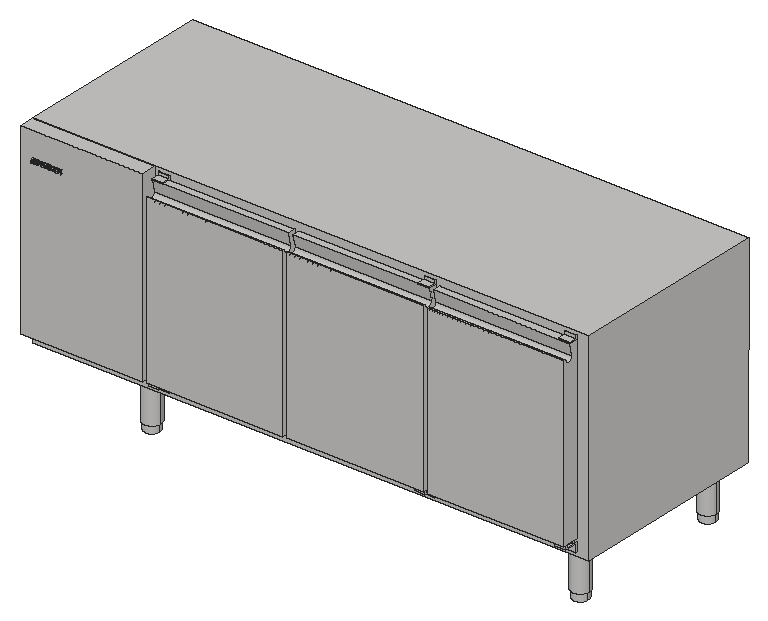
Revit family "QF_ALPENINOX_712679_AJ3F7AAA", category Specialty Equipment, Revit 2018
Family settings
  Round Connector Dimension = Use Diameter
  Part Type = Normal
  Work Plane-Based = No
  Always vertical = Yes
  Cut with Voids When Loaded = No
  Shared = No
  Room Calculation Point = No
Parameters
  Weight = 0.00 kg
  Watts = 45.5225 W
  Volts = 220 V
  URL Manufacturer = "http://www.alpeninox.com"
  URL = "http://www.alpeninox.com"
  Steam Supply Size = 0 mm
  Steam Supply Minimum Pressure = 0.0 Pa
  Steam Supply Maximum Pressure = 0.0 Pa
  Steam Pounds per Hour = 0
  Refrigeration Suction Line Size = 0 mm
  Refrigeration Liquid Line Size = 0 mm
  Refrigerant Compressor Remote = yes
  Manufacturer = "Alpeninox"
  Phase = 1
  Model = "AJ3F7AAA"
  Length Actual = 1795 mm  # constant formula
  Length = 1795 mm
  Item Number = "712679"
  Hot Water Size = 0 mm
  Height Actual = 800 mm  # constant formula
  Height = 650 mm
  HP = "0.7 HP"
  Gas Size = 0 mm
  Gas KW = 0
  Gas Input Pressure = 0 W
  Depth Actual = 700 mm  # constant formula
  Depth = 695 mm
  Description = "3 DOOR FREEZER TABLE -20C NO TOP"
  Cycle = 50 Hz
  Condensate Return Size = 0 mm
  Compressed Air Volume = 0.0 L/s
  Compressed Air Size = 0 mm
  Compressed Air Pressure = 0.0 Pa
  Cold Water Size = 0 mm
  Accessory = yes
Reference planes
  plane 1: z = 0
  plane 2 "Center (Left/Right)": x = -126.5
  plane 3 "Center (Front/Back)": y = 64.5
  plane 4 "FEET": z = 150
  plane 5 "TOP": z = 850
  plane 6 "PLAIN": z = 800
  plane 7 "EI_back": y = 359
  plane 8 "EI_left": x = -958
  plane 9 "BACK": y = 412
  plane 10 "FRONT": y = -283
  plane 11 "DOOR": y = -233
  plane 12 "LEFT": x = -1024
  plane 13 "RIGHT": x = 771
  plane 14: x = -999
  plane 15: x = 746
Forms (mm)
  Extrusion 1, solid, material "QF_Finishes_Stainless Steel"
    sketch origin (-1022.223, -1524, 150) x (-1, 0, 0) y (0, -1, 0)
      loop
        circle (-64.223, -1883) r 5
    from 0 to -40
  Extrusion 2, solid, material "QF_Finishes_Stainless Steel"
    sketch origin (-1022.223, -1524, 150) x (-1, 0, 0) y (0, -1, 0)
      loop
        line (1.777, -1936) -> (1.777, -1291) -> (-1793.223, -1291) -> (-1793.223, -1936) -> (1.777, -1936)
    from 0 to 650 <- "Height"
Lines and regions (mm)
  symbolic lines, style "SpecialityEquipmentHiddenLines"
    curve 1: line (-1024, 412, 150) -> (771, 412, 150)
    curve 2: line (-1024, -283, 150) -> (-1024, 412, 150)
    curve 3: line (771, -283, 150) -> (-1024, -283, 150)
    curve 4: line (771, 412, 150) -> (771, -283, 150)
    curve 5: line (-1024, -233, 150) -> (771, -233, 150)
    curve 6: line (746, -283, 150) -> (746, -233, 150)
Dimensions and locks
  plane 4 "FEET" to level = 150 mm
  plane 11 "DOOR" to plane 10 "FRONT" = 50 mm
  "Height": plane 6 "PLAIN" to plane 4 "FEET"
  plane 5 "TOP" to plane 6 "PLAIN" = 50 mm
  plane 12 "LEFT" to plane 14 = 25 mm
  plane 15 to plane 13 "RIGHT" = 25 mm
  plane 9 "BACK" to plane 7 "EI_back" = 53 mm
  plane 12 "LEFT" to plane 8 "EI_left" = 66 mm
  "Length": plane 12 "LEFT" to plane 13 "RIGHT"
  equal spacing: plane 12 "LEFT", plane 2 "Center (Left/Right)", plane 13 "RIGHT"
  "Depth": plane 9 "BACK" to plane 10 "FRONT"
  equal spacing: plane 9 "BACK", plane 3 "Center (Front/Back)", plane 10 "FRONT"
  aligned and locked: level to plane 1
Automatic sketch dimensions
  Extrusion 1 sketch curve to plane 7 "EI_back" = 0 mm
  Extrusion 1 sketch curve to plane 8 "EI_left" = 0 mm
  Extrusion 2 sketch curve to plane 9 "BACK" = 0 mm
  Extrusion 2 sketch curve to plane 13 "RIGHT" = 0 mm
  Extrusion 2 sketch curve to plane 11 "DOOR" = 0 mm
  Extrusion 2 sketch curve to plane 12 "LEFT" = 0 mm
  curve 1 to plane 13 "RIGHT" = 0 mm
  curve 6 to plane 10 "FRONT" = 0 mm
  curve 6 to plane 15 = 0 mm
  curve 5 to plane 12 "LEFT" = 0 mm
  curve 6 to plane 11 "DOOR" = 0 mm
  curve 1 to plane 9 "BACK" = 0 mm
  radius of Extrusion 1 sketch curve = 5 mm
Nested families
  nested 1: "Freezer" at (771, -283, 0), type "Freezer"
  nested 2: "FEET" at (-679, 331, 0), type "FEET"
  nested 3: "FEET" at (705, 331, 0), type "FEET"
  nested 4: "FEET" at (-679, -183, 0), type "FEET"
  nested 5: "FEET" at (705, -183, 0), type "FEET"
  nested 6: "APX_BI_BT_L_650" at (-817.08, -233, 548) x (1, 0, 0) z (0, -1, 0), type "APX_BI_BT_L_650"
    with Show Logo yes
  nested 7: "APX_SD_L_650" at (-396, -233, 458.88) x (1, 0, 0) z (0, -1, 0), type "APX_SD_L_650"
    with Show Clearance yes
  nested 8: "APX_SD_R_650" at (58, -233, 458.88) x (1, 0, 0) z (0, -1, 0), type "APX_SD_R_650"
    with Show Clearance yes
  nested 9: "APX_SD_R_650" at (512, -233, 458.88) x (1, 0, 0) z (0, -1, 0), type "APX_SD_R_650"
    with Show Clearance yes
Connectors
  electrical at (-958, 359, 110), driven by "Volts"
    settings: on Extrusion 1, index 1, voltage 220 V, apparent load 0 VA, apparent load phase1 0 VA, apparent load phase2 0 VA, apparent load phase3 0 VA, power factor 1, load classification "Other", number of poles 1, system type 31, power factor state 1, is connector primary yes, connector utility no, sub classification motor no, connector description "Electrical Connection"
Definition of nested family "FEET"
  Parameters
    FEET = 150 mm
  Reference planes
    plane 1 "Center (Front/Back)": y = 0
    plane 2: z = 0
    plane 3 "Center (Left/Right)": x = 0
    plane 4: z = 150
  Forms (mm)
    Revolve 1, solid
      sketch origin (255.05, 0, 608.09) x (0, 0, 1) y (-1, 0, 0)
        loop
          line (-608.09, 255.05) -> (-608.09, 230.05) -> (-583.09, 230.05) -> (-583.09, 226.05) -> (-458.09, 226.05) -> (-458.09, 255.05) -> (-608.09, 255.05)
        axis (-608.09, 255.05) -> (-458.09, 255.05)
      angle from 0 to 360
  Dimensions and locks
    locked: Revolve 1 sketch curve to Revolve 1 sketch curve at 125
    "FEET": plane 4 to plane 2
    aligned and locked: level to plane 2
    aligned and locked: plane 4 to Revolve 1 sketch curve
    aligned and locked: Revolve 1 sketch curve to level
    aligned and locked: plane 3 "Center (Left/Right)" to Revolve 1 sketch curve
  Automatic sketch dimensions
    Revolve 1 sketch curve to plane 3 "Center (Left/Right)" = 0 mm
    Revolve 1 sketch curve to Revolve 1 sketch curve = 25 mm
    Revolve 1 sketch curve to Revolve 1 sketch curve = 29 mm
    plane 4 to Revolve 1 sketch curve = 50 mm
    Revolve 1 sketch curve to Revolve 1 sketch curve = 20 mm
Definition of nested family "APX_BI_BT_L_650"
  Parameters
    Show Logo [instance] = yes
    Default Elevation = 1219.2 mm
  Reference planes
    plane 1 "Center (Front/Back)": y = -49
    plane 2: z = 0
    plane 3 "Center (Left/Right)": x = -9.92
    plane 4: x = -206.92
    plane 5: x = 187.08
    plane 6: y = 252
    plane 7: y = -350
  Forms (mm)
    Extrusion 1, solid
      sketch origin (0, 0, 0) x (1, 0, 0) y (0, 1, 0)
        loop
          line (-1219.2, 1219.2) -> (-1219.2, -1219.2) -> (1219.2, -1219.2) -> (1219.2, 1219.2) -> (-1219.2, 1219.2)
      from 0 to -304.8
    Extrusion 2, solid
      sketch origin (0, 0, 0) x (1, 0, 0) y (0, 1, 0)
        loop
          line (-206.92, 252) -> (-206.92, -350) -> (187.08, -350) -> (187.08, 252) -> (-206.92, 252)
      from 0 to 50
    Extrusion 3, solid, not visible
      sketch origin (0, 0, 0) x (1, 0, 0) y (0, 1, 0)
        loop
          line (-206.92, 252) -> (-206.92, -400) -> (87.08, -400) -> (87.08, 252) -> (-206.92, 252)
      from 0 to 50
    Extrusion 4, solid
      sketch origin (0, -0.336, 0) x (1, 0, 0) y (0, 1, 0)
        loop
          line (-168.675, 170.349) -> (-172.411, 160.318)
          arc (-172.411, 160.318) -> (-171.624, 158.497) -> (-169.837, 159.36) r 1.374
          line (-169.837, 159.36) -> (-169.268, 161.111) -> (-164.1, 161.111) -> (-163.54, 159.379)
          arc (-163.54, 159.379) -> (-161.802, 158.542) -> (-161.049, 160.318) r 1.333
          line (-161.049, 160.318) -> (-164.694, 170.349)
          arc (-164.694, 170.349) -> (-166.685, 171.876) -> (-168.675, 170.349) r 2.06
        loop
          line (-166.681, 169.055) -> (-168.469, 163.655) -> (-164.935, 163.655) -> (-166.681, 169.055)
        loop
          arc (-159.705, 160.042) -> (-159.262, 158.973) -> (-158.194, 158.531) r 1.512
          line (-158.194, 158.531) -> (-153.608, 158.531)
          arc (-153.608, 158.531) -> (-152.337, 159.802) -> (-153.608, 161.074) r 1.272
          line (-153.608, 161.074) -> (-156.917, 161.074) -> (-156.917, 170.328)
          arc (-156.917, 170.328) -> (-158.311, 171.722) -> (-159.705, 170.328) r 1.394
          line (-159.705, 170.328) -> (-159.705, 160.042)
        loop
          line (-151.076, 170.218) -> (-151.076, 159.859)
          arc (-151.076, 159.859) -> (-149.683, 158.466) -> (-148.29, 159.859) r 1.393
          line (-148.29, 159.859) -> (-148.29, 162.882) -> (-146.225, 162.882)
          arc (-146.225, 162.882) -> (-142.999, 163.859) -> (-141.608, 166.928) r 4.082
          arc (-141.608, 166.928) -> (-142.993, 170.272) -> (-146.336, 171.657) r 4.728
          line (-146.336, 171.657) -> (-149.638, 171.657)
          arc (-149.638, 171.657) -> (-150.655, 171.235) -> (-151.076, 170.218) r 1.439
        loop
          line (-148.29, 165.313) -> (-146.388, 165.313)
          arc (-146.388, 165.313) -> (-144.433, 167.268) -> (-146.388, 169.222) r 1.955
          line (-146.388, 169.222) -> (-148.29, 169.222) -> (-148.29, 165.313)
        loop
          arc (-131.184, 166.332) -> (-132.004, 168.2) -> (-133.767, 169.228) r 3.3
          arc (-133.767, 169.228) -> (-136.353, 168.661) -> (-137.611, 166.332) r 3.176
          line (-137.611, 166.332) -> (-131.184, 166.332)
        loop
          line (-137.538, 163.743) -> (-130.544, 163.743)
          arc (-130.544, 163.743) -> (-129.292, 163.916) -> (-128.301, 164.701) r 2.4
          arc (-128.301, 164.701) -> (-128.155, 165.545) -> (-128.212, 166.399) r 3.635
          arc (-128.212, 166.399) -> (-130.364, 170.162) -> (-134.39, 171.769) r 6.579
          arc (-134.39, 171.769) -> (-138.918, 169.706) -> (-140.661, 165.044) r 6.501
          arc (-140.661, 165.044) -> (-139.276, 160.789) -> (-135.401, 158.549) r 6.252
          arc (-135.401, 158.549) -> (-132.922, 158.526) -> (-130.544, 159.232) r 8.361
          arc (-130.544, 159.232) -> (-129.466, 159.781) -> (-128.641, 160.666) r 3.486
          arc (-128.641, 160.666) -> (-128.419, 161.592) -> (-128.828, 162.451) r 1.425
          arc (-128.828, 162.451) -> (-129.368, 162.762) -> (-129.99, 162.762) r 1.203
          arc (-129.99, 162.762) -> (-130.406, 162.59) -> (-130.764, 162.316) r 1.724
          arc (-130.764, 162.316) -> (-131.666, 161.705) -> (-132.646, 161.229) r 7.6
          arc (-132.646, 161.229) -> (-135.676, 161.35) -> (-137.538, 163.743) r 3.6
        loop
          line (-126.669, 170.328) -> (-126.669, 159.859)
          arc (-126.669, 159.859) -> (-125.273, 158.463) -> (-123.878, 159.859) r 1.396
          line (-123.878, 159.859) -> (-123.878, 166.785) -> (-117.946, 159.029)
          arc (-117.946, 159.029) -> (-116.361, 158.51) -> (-115.379, 159.859) r 1.417
          line (-115.379, 159.859) -> (-115.379, 170.328)
          arc (-115.379, 170.328) -> (-116.774, 171.723) -> (-118.169, 170.328) r 1.395
          line (-118.169, 170.328) -> (-118.169, 163.311) -> (-124.101, 171.157)
          arc (-124.101, 171.157) -> (-125.687, 171.678) -> (-126.669, 170.328) r 1.418
        loop
          arc (-113.636, 159.859) -> (-112.241, 158.464) -> (-110.847, 159.859) r 1.394
          line (-110.847, 159.859) -> (-110.847, 170.328)
          arc (-110.847, 170.328) -> (-112.241, 171.723) -> (-113.636, 170.328) r 1.394
          line (-113.636, 170.328) -> (-113.636, 159.859)
        loop
          line (-109.102, 170.328) -> (-109.102, 159.859)
          arc (-109.102, 159.859) -> (-107.706, 158.463) -> (-106.31, 159.859) r 1.396
          line (-106.31, 159.859) -> (-106.31, 166.785) -> (-100.378, 159.029)
          arc (-100.378, 159.029) -> (-98.793, 158.51) -> (-97.812, 159.859) r 1.417
          line (-97.812, 159.859) -> (-97.812, 170.328)
          arc (-97.812, 170.328) -> (-99.207, 171.723) -> (-100.602, 170.328) r 1.395
          line (-100.602, 170.328) -> (-100.602, 163.311) -> (-106.533, 171.157)
          arc (-106.533, 171.157) -> (-108.119, 171.678) -> (-109.102, 170.328) r 1.418
        loop
          arc (-96.345, 165.093) -> (-95.619, 161.877) -> (-93.467, 159.379) r 6.806
          arc (-93.467, 159.379) -> (-91.792, 158.566) -> (-89.948, 158.31) r 5.956
          arc (-89.948, 158.31) -> (-88.104, 158.566) -> (-86.43, 159.379) r 5.956
          arc (-86.43, 159.379) -> (-84.277, 161.877) -> (-83.551, 165.093) r 6.806
          arc (-83.551, 165.093) -> (-84.277, 168.31) -> (-86.43, 170.808) r 6.806
          arc (-86.43, 170.808) -> (-88.104, 171.621) -> (-89.948, 171.877) r 5.956
          arc (-89.948, 171.877) -> (-91.792, 171.621) -> (-93.467, 170.808) r 5.956
          arc (-93.467, 170.808) -> (-95.619, 168.31) -> (-96.345, 165.093) r 6.806
        loop
          arc (-93.425, 165.093) -> (-93.138, 163.212) -> (-92.081, 161.629) r 4.387
          arc (-92.081, 161.629) -> (-91.087, 161.049) -> (-89.948, 160.881) r 3.035
          arc (-89.948, 160.881) -> (-88.809, 161.049) -> (-87.815, 161.629) r 3.035
          arc (-87.815, 161.629) -> (-86.759, 163.212) -> (-86.472, 165.093) r 4.387
          arc (-86.472, 165.093) -> (-86.759, 166.975) -> (-87.815, 168.558) r 4.387
          arc (-87.815, 168.558) -> (-88.809, 169.138) -> (-89.948, 169.306) r 3.035
          arc (-89.948, 169.306) -> (-91.087, 169.138) -> (-92.081, 168.558) r 3.035
          arc (-92.081, 168.558) -> (-93.138, 166.975) -> (-93.425, 165.093) r 4.387
        loop
          line (-83.139, 169.609) -> (-80.126, 165.552) -> (-83.81, 160.652)
          arc (-83.81, 160.652) -> (-83.512, 158.692) -> (-81.559, 159.029) r 1.388
          line (-81.559, 159.029) -> (-78.51, 163.232) -> (-75.461, 159.029)
          arc (-75.461, 159.029) -> (-73.507, 158.692) -> (-73.21, 160.652) r 1.388
          line (-73.21, 160.652) -> (-76.894, 165.552) -> (-73.881, 169.609)
          arc (-73.881, 169.609) -> (-74.249, 171.597) -> (-76.205, 171.084) r 1.38
          line (-76.205, 171.084) -> (-78.51, 167.841) -> (-80.815, 171.084)
          arc (-80.815, 171.084) -> (-82.771, 171.597) -> (-83.139, 169.609) r 1.38
      from 50 to 51.6
  Lines and regions (mm)
    Split face 1
      outline origin (-138, 0, 50) x (1, 0, 0) y (0, 1, 0)
        loop
          line (94.58, 177) -> (94.58, 154) -> (164.58, 154) -> (164.58, 177) -> (94.58, 177)
    Split face 2
      outline origin (-138, 0, 50) x (1, 0, 0) y (0, 1, 0)
        loop
          line (144.58, 174) -> (144.58, 157) -> (161.58, 157) -> (161.58, 174) -> (144.58, 174)
    Split face 3
      outline origin (0, 0, 50) x (1, 0, 0) y (0, 1, 0)
        loop
          line (-206.92, 188) -> (187.08, 188)
    Split face 4
      outline origin (-5, 0, 50) x (1, 0, 0) y (0, 1, 0)
        loop
          arc (-163.464, 131.824) -> (-167.464, 127.824) -> (-163.464, 123.824) r 4
          line (-163.464, 123.824) -> (-121.464, 123.824)
          arc (-121.464, 123.824) -> (-117.464, 127.824) -> (-121.464, 131.824) r 4
          line (-121.464, 131.824) -> (-163.464, 131.824)
    Split face 5
      outline origin (325, 0, 50) x (1, 0, 0) y (0, 1, 0)
        loop
          arc (-328.464, 131.824) -> (-332.464, 127.824) -> (-328.464, 123.824) r 4
          line (-328.464, 123.824) -> (-286.464, 123.824)
          arc (-286.464, 123.824) -> (-282.464, 127.824) -> (-286.464, 131.824) r 4
          line (-286.464, 131.824) -> (-328.464, 131.824)
    Split face 6
      outline origin (105, 0, 50) x (1, 0, 0) y (0, 1, 0)
        loop
          arc (-218.464, 131.824) -> (-222.464, 127.824) -> (-218.464, 123.824) r 4
          line (-218.464, 123.824) -> (-176.464, 123.824)
          arc (-176.464, 123.824) -> (-172.464, 127.824) -> (-176.464, 131.824) r 4
          line (-176.464, 131.824) -> (-218.464, 131.824)
    Split face 7
      outline origin (215, 0, 50) x (1, 0, 0) y (0, 1, 0)
        loop
          arc (-273.464, 131.824) -> (-277.464, 127.824) -> (-273.464, 123.824) r 4
          line (-273.464, 123.824) -> (-231.464, 123.824)
          arc (-231.464, 123.824) -> (-227.464, 127.824) -> (-231.464, 131.824) r 4
          line (-231.464, 131.824) -> (-273.464, 131.824)
    Split face 8, not visible
      outline origin (0, 0, 50) x (1, 0, 0) y (0, 1, 0)
        loop
          arc (-163.464, 131.824) -> (-167.464, 127.824) -> (-163.464, 123.824) r 4
          line (-163.464, 123.824) -> (-121.464, 123.824)
          arc (-121.464, 123.824) -> (-117.464, 127.824) -> (-121.464, 131.824) r 4
          line (-121.464, 131.824) -> (-163.464, 131.824)
    Split face 9
      outline origin (-5, -24, 50) x (1, 0, 0) y (0, 1, 0)
        loop
          arc (-163.464, 143.824) -> (-167.464, 139.824) -> (-163.464, 135.824) r 4
          line (-163.464, 135.824) -> (-121.464, 135.824)
          arc (-121.464, 135.824) -> (-117.464, 139.824) -> (-121.464, 143.824) r 4
          line (-121.464, 143.824) -> (-163.464, 143.824)
    Split face 10
      outline origin (325, -24, 50) x (1, 0, 0) y (0, 1, 0)
        loop
          arc (-328.464, 143.824) -> (-332.464, 139.824) -> (-328.464, 135.824) r 4
          line (-328.464, 135.824) -> (-286.464, 135.824)
          arc (-286.464, 135.824) -> (-282.464, 139.824) -> (-286.464, 143.824) r 4
          line (-286.464, 143.824) -> (-328.464, 143.824)
    Split face 11
      outline origin (105, -24, 50) x (1, 0, 0) y (0, 1, 0)
        loop
          arc (-218.464, 143.824) -> (-222.464, 139.824) -> (-218.464, 135.824) r 4
          line (-218.464, 135.824) -> (-176.464, 135.824)
          arc (-176.464, 135.824) -> (-172.464, 139.824) -> (-176.464, 143.824) r 4
          line (-176.464, 143.824) -> (-218.464, 143.824)
    Split face 12
      outline origin (215, -24, 50) x (1, 0, 0) y (0, 1, 0)
        loop
          arc (-273.464, 143.824) -> (-277.464, 139.824) -> (-273.464, 135.824) r 4
          line (-273.464, 135.824) -> (-231.464, 135.824)
          arc (-231.464, 135.824) -> (-227.464, 139.824) -> (-231.464, 143.824) r 4
          line (-231.464, 143.824) -> (-273.464, 143.824)
    Split face 13
      outline origin (-5, -48, 50) x (1, 0, 0) y (0, 1, 0)
        loop
          arc (-163.464, 155.824) -> (-167.464, 151.824) -> (-163.464, 147.824) r 4
          line (-163.464, 147.824) -> (-121.464, 147.824)
          arc (-121.464, 147.824) -> (-117.464, 151.824) -> (-121.464, 155.824) r 4
          line (-121.464, 155.824) -> (-163.464, 155.824)
    Split face 14
      outline origin (325, -48, 50) x (1, 0, 0) y (0, 1, 0)
        loop
          arc (-328.464, 155.824) -> (-332.464, 151.824) -> (-328.464, 147.824) r 4
          line (-328.464, 147.824) -> (-286.464, 147.824)
          arc (-286.464, 147.824) -> (-282.464, 151.824) -> (-286.464, 155.824) r 4
          line (-286.464, 155.824) -> (-328.464, 155.824)
    Split face 15
      outline origin (105, -48, 50) x (1, 0, 0) y (0, 1, 0)
        loop
          arc (-218.464, 155.824) -> (-222.464, 151.824) -> (-218.464, 147.824) r 4
          line (-218.464, 147.824) -> (-176.464, 147.824)
          arc (-176.464, 147.824) -> (-172.464, 151.824) -> (-176.464, 155.824) r 4
          line (-176.464, 155.824) -> (-218.464, 155.824)
    Split face 16
      outline origin (215, -48, 50) x (1, 0, 0) y (0, 1, 0)
        loop
          arc (-273.464, 155.824) -> (-277.464, 151.824) -> (-273.464, 147.824) r 4
          line (-273.464, 147.824) -> (-231.464, 147.824)
          arc (-231.464, 147.824) -> (-227.464, 151.824) -> (-231.464, 155.824) r 4
          line (-231.464, 155.824) -> (-273.464, 155.824)
    Split face 17
      outline origin (-5, -72, 50) x (1, 0, 0) y (0, 1, 0)
        loop
          arc (-163.464, 167.824) -> (-167.464, 163.824) -> (-163.464, 159.824) r 4
          line (-163.464, 159.824) -> (-121.464, 159.824)
          arc (-121.464, 159.824) -> (-117.464, 163.824) -> (-121.464, 167.824) r 4
          line (-121.464, 167.824) -> (-163.464, 167.824)
    Split face 18
      outline origin (325, -72, 50) x (1, 0, 0) y (0, 1, 0)
        loop
          arc (-328.464, 167.824) -> (-332.464, 163.824) -> (-328.464, 159.824) r 4
          line (-328.464, 159.824) -> (-286.464, 159.824)
          arc (-286.464, 159.824) -> (-282.464, 163.824) -> (-286.464, 167.824) r 4
          line (-286.464, 167.824) -> (-328.464, 167.824)
    Split face 19
      outline origin (105, -72, 50) x (1, 0, 0) y (0, 1, 0)
        loop
          arc (-218.464, 167.824) -> (-222.464, 163.824) -> (-218.464, 159.824) r 4
          line (-218.464, 159.824) -> (-176.464, 159.824)
          arc (-176.464, 159.824) -> (-172.464, 163.824) -> (-176.464, 167.824) r 4
          line (-176.464, 167.824) -> (-218.464, 167.824)
    Split face 20
      outline origin (215, -72, 50) x (1, 0, 0) y (0, 1, 0)
        loop
          arc (-273.464, 167.824) -> (-277.464, 163.824) -> (-273.464, 159.824) r 4
          line (-273.464, 159.824) -> (-231.464, 159.824)
          arc (-231.464, 159.824) -> (-227.464, 163.824) -> (-231.464, 167.824) r 4
          line (-231.464, 167.824) -> (-273.464, 167.824)
    Split face 21
      outline origin (-5, -96, 50) x (1, 0, 0) y (0, 1, 0)
        loop
          arc (-163.464, 179.824) -> (-167.464, 175.824) -> (-163.464, 171.824) r 4
          line (-163.464, 171.824) -> (-121.464, 171.824)
          arc (-121.464, 171.824) -> (-117.464, 175.824) -> (-121.464, 179.824) r 4
          line (-121.464, 179.824) -> (-163.464, 179.824)
    Split face 22
      outline origin (325, -96, 50) x (1, 0, 0) y (0, 1, 0)
        loop
          arc (-328.464, 179.824) -> (-332.464, 175.824) -> (-328.464, 171.824) r 4
          line (-328.464, 171.824) -> (-286.464, 171.824)
          arc (-286.464, 171.824) -> (-282.464, 175.824) -> (-286.464, 179.824) r 4
          line (-286.464, 179.824) -> (-328.464, 179.824)
    Split face 23
      outline origin (105, -96, 50) x (1, 0, 0) y (0, 1, 0)
        loop
          arc (-218.464, 179.824) -> (-222.464, 175.824) -> (-218.464, 171.824) r 4
          line (-218.464, 171.824) -> (-176.464, 171.824)
          arc (-176.464, 171.824) -> (-172.464, 175.824) -> (-176.464, 179.824) r 4
          line (-176.464, 179.824) -> (-218.464, 179.824)
    Split face 24
      outline origin (215, -96, 50) x (1, 0, 0) y (0, 1, 0)
        loop
          arc (-273.464, 179.824) -> (-277.464, 175.824) -> (-273.464, 171.824) r 4
          line (-273.464, 171.824) -> (-231.464, 171.824)
          arc (-231.464, 171.824) -> (-227.464, 175.824) -> (-231.464, 179.824) r 4
          line (-231.464, 179.824) -> (-273.464, 179.824)
    Split face 25
      outline origin (-5, -120, 50) x (1, 0, 0) y (0, 1, 0)
        loop
          arc (-163.464, 191.824) -> (-167.464, 187.824) -> (-163.464, 183.824) r 4
          line (-163.464, 183.824) -> (-121.464, 183.824)
          arc (-121.464, 183.824) -> (-117.464, 187.824) -> (-121.464, 191.824) r 4
          line (-121.464, 191.824) -> (-163.464, 191.824)
    Split face 26
      outline origin (325, -120, 50) x (1, 0, 0) y (0, 1, 0)
        loop
          arc (-328.464, 191.824) -> (-332.464, 187.824) -> (-328.464, 183.824) r 4
          line (-328.464, 183.824) -> (-286.464, 183.824)
          arc (-286.464, 183.824) -> (-282.464, 187.824) -> (-286.464, 191.824) r 4
          line (-286.464, 191.824) -> (-328.464, 191.824)
    Split face 27
      outline origin (105, -120, 50) x (1, 0, 0) y (0, 1, 0)
        loop
          arc (-218.464, 191.824) -> (-222.464, 187.824) -> (-218.464, 183.824) r 4
          line (-218.464, 183.824) -> (-176.464, 183.824)
          arc (-176.464, 183.824) -> (-172.464, 187.824) -> (-176.464, 191.824) r 4
          line (-176.464, 191.824) -> (-218.464, 191.824)
    Split face 28
      outline origin (215, -120, 50) x (1, 0, 0) y (0, 1, 0)
        loop
          arc (-273.464, 191.824) -> (-277.464, 187.824) -> (-273.464, 183.824) r 4
          line (-273.464, 183.824) -> (-231.464, 183.824)
          arc (-231.464, 183.824) -> (-227.464, 187.824) -> (-231.464, 191.824) r 4
          line (-231.464, 191.824) -> (-273.464, 191.824)
    Split face 29
      outline origin (-5, -144, 50) x (1, 0, 0) y (0, 1, 0)
        loop
          arc (-163.464, 203.824) -> (-167.464, 199.824) -> (-163.464, 195.824) r 4
          line (-163.464, 195.824) -> (-121.464, 195.824)
          arc (-121.464, 195.824) -> (-117.464, 199.824) -> (-121.464, 203.824) r 4
          line (-121.464, 203.824) -> (-163.464, 203.824)
    Split face 30
      outline origin (325, -144, 50) x (1, 0, 0) y (0, 1, 0)
        loop
          arc (-328.464, 203.824) -> (-332.464, 199.824) -> (-328.464, 195.824) r 4
          line (-328.464, 195.824) -> (-286.464, 195.824)
          arc (-286.464, 195.824) -> (-282.464, 199.824) -> (-286.464, 203.824) r 4
          line (-286.464, 203.824) -> (-328.464, 203.824)
    Split face 31
      outline origin (105, -144, 50) x (1, 0, 0) y (0, 1, 0)
        loop
          arc (-218.464, 203.824) -> (-222.464, 199.824) -> (-218.464, 195.824) r 4
          line (-218.464, 195.824) -> (-176.464, 195.824)
          arc (-176.464, 195.824) -> (-172.464, 199.824) -> (-176.464, 203.824) r 4
          line (-176.464, 203.824) -> (-218.464, 203.824)
    Split face 32
      outline origin (215, -144, 50) x (1, 0, 0) y (0, 1, 0)
        loop
          arc (-273.464, 203.824) -> (-277.464, 199.824) -> (-273.464, 195.824) r 4
          line (-273.464, 195.824) -> (-231.464, 195.824)
          arc (-231.464, 195.824) -> (-227.464, 199.824) -> (-231.464, 203.824) r 4
          line (-231.464, 203.824) -> (-273.464, 203.824)
    Split face 33
      outline origin (-5, -168, 50) x (1, 0, 0) y (0, 1, 0)
        loop
          arc (-163.464, 215.824) -> (-167.464, 211.824) -> (-163.464, 207.824) r 4
          line (-163.464, 207.824) -> (-121.464, 207.824)
          arc (-121.464, 207.824) -> (-117.464, 211.824) -> (-121.464, 215.824) r 4
          line (-121.464, 215.824) -> (-163.464, 215.824)
    Split face 34
      outline origin (325, -168, 50) x (1, 0, 0) y (0, 1, 0)
        loop
          arc (-328.464, 215.824) -> (-332.464, 211.824) -> (-328.464, 207.824) r 4
          line (-328.464, 207.824) -> (-286.464, 207.824)
          arc (-286.464, 207.824) -> (-282.464, 211.824) -> (-286.464, 215.824) r 4
          line (-286.464, 215.824) -> (-328.464, 215.824)
    Split face 35
      outline origin (105, -168, 50) x (1, 0, 0) y (0, 1, 0)
        loop
          arc (-218.464, 215.824) -> (-222.464, 211.824) -> (-218.464, 207.824) r 4
          line (-218.464, 207.824) -> (-176.464, 207.824)
          arc (-176.464, 207.824) -> (-172.464, 211.824) -> (-176.464, 215.824) r 4
          line (-176.464, 215.824) -> (-218.464, 215.824)
    Split face 36
      outline origin (215, -168, 50) x (1, 0, 0) y (0, 1, 0)
        loop
          arc (-273.464, 215.824) -> (-277.464, 211.824) -> (-273.464, 207.824) r 4
          line (-273.464, 207.824) -> (-231.464, 207.824)
          arc (-231.464, 207.824) -> (-227.464, 211.824) -> (-231.464, 215.824) r 4
          line (-231.464, 215.824) -> (-273.464, 215.824)
    Split face 37
      outline origin (-5, -192, 50) x (1, 0, 0) y (0, 1, 0)
        loop
          arc (-163.464, 227.824) -> (-167.464, 223.824) -> (-163.464, 219.824) r 4
          line (-163.464, 219.824) -> (-121.464, 219.824)
          arc (-121.464, 219.824) -> (-117.464, 223.824) -> (-121.464, 227.824) r 4
          line (-121.464, 227.824) -> (-163.464, 227.824)
    Split face 38
      outline origin (325, -192, 50) x (1, 0, 0) y (0, 1, 0)
        loop
          arc (-328.464, 227.824) -> (-332.464, 223.824) -> (-328.464, 219.824) r 4
          line (-328.464, 219.824) -> (-286.464, 219.824)
          arc (-286.464, 219.824) -> (-282.464, 223.824) -> (-286.464, 227.824) r 4
          line (-286.464, 227.824) -> (-328.464, 227.824)
    Split face 39
      outline origin (105, -192, 50) x (1, 0, 0) y (0, 1, 0)
        loop
          arc (-218.464, 227.824) -> (-222.464, 223.824) -> (-218.464, 219.824) r 4
          line (-218.464, 219.824) -> (-176.464, 219.824)
          arc (-176.464, 219.824) -> (-172.464, 223.824) -> (-176.464, 227.824) r 4
          line (-176.464, 227.824) -> (-218.464, 227.824)
    Split face 40
      outline origin (215, -192, 50) x (1, 0, 0) y (0, 1, 0)
        loop
          arc (-273.464, 227.824) -> (-277.464, 223.824) -> (-273.464, 219.824) r 4
          line (-273.464, 219.824) -> (-231.464, 219.824)
          arc (-231.464, 219.824) -> (-227.464, 223.824) -> (-231.464, 227.824) r 4
          line (-231.464, 227.824) -> (-273.464, 227.824)
    Split face 41
      outline origin (-5, -216, 50) x (1, 0, 0) y (0, 1, 0)
        loop
          arc (-163.464, 239.824) -> (-167.464, 235.824) -> (-163.464, 231.824) r 4
          line (-163.464, 231.824) -> (-121.464, 231.824)
          arc (-121.464, 231.824) -> (-117.464, 235.824) -> (-121.464, 239.824) r 4
          line (-121.464, 239.824) -> (-163.464, 239.824)
    Split face 42
      outline origin (325, -216, 50) x (1, 0, 0) y (0, 1, 0)
        loop
          arc (-328.464, 239.824) -> (-332.464, 235.824) -> (-328.464, 231.824) r 4
          line (-328.464, 231.824) -> (-286.464, 231.824)
          arc (-286.464, 231.824) -> (-282.464, 235.824) -> (-286.464, 239.824) r 4
          line (-286.464, 239.824) -> (-328.464, 239.824)
    Split face 43
      outline origin (105, -216, 50) x (1, 0, 0) y (0, 1, 0)
        loop
          arc (-218.464, 239.824) -> (-222.464, 235.824) -> (-218.464, 231.824) r 4
          line (-218.464, 231.824) -> (-176.464, 231.824)
          arc (-176.464, 231.824) -> (-172.464, 235.824) -> (-176.464, 239.824) r 4
          line (-176.464, 239.824) -> (-218.464, 239.824)
    Split face 44
      outline origin (215, -216, 50) x (1, 0, 0) y (0, 1, 0)
        loop
          arc (-273.464, 239.824) -> (-277.464, 235.824) -> (-273.464, 231.824) r 4
          line (-273.464, 231.824) -> (-231.464, 231.824)
          arc (-231.464, 231.824) -> (-227.464, 235.824) -> (-231.464, 239.824) r 4
          line (-231.464, 239.824) -> (-273.464, 239.824)
    Split face 45
      outline origin (-5, -240, 50) x (1, 0, 0) y (0, 1, 0)
        loop
          arc (-163.464, 251.824) -> (-167.464, 247.824) -> (-163.464, 243.824) r 4
          line (-163.464, 243.824) -> (-121.464, 243.824)
          arc (-121.464, 243.824) -> (-117.464, 247.824) -> (-121.464, 251.824) r 4
          line (-121.464, 251.824) -> (-163.464, 251.824)
    Split face 46
      outline origin (325, -240, 50) x (1, 0, 0) y (0, 1, 0)
        loop
          arc (-328.464, 251.824) -> (-332.464, 247.824) -> (-328.464, 243.824) r 4
          line (-328.464, 243.824) -> (-286.464, 243.824)
          arc (-286.464, 243.824) -> (-282.464, 247.824) -> (-286.464, 251.824) r 4
          line (-286.464, 251.824) -> (-328.464, 251.824)
    Split face 47
      outline origin (105, -240, 50) x (1, 0, 0) y (0, 1, 0)
        loop
          arc (-218.464, 251.824) -> (-222.464, 247.824) -> (-218.464, 243.824) r 4
          line (-218.464, 243.824) -> (-176.464, 243.824)
          arc (-176.464, 243.824) -> (-172.464, 247.824) -> (-176.464, 251.824) r 4
          line (-176.464, 251.824) -> (-218.464, 251.824)
    Split face 48
      outline origin (215, -240, 50) x (1, 0, 0) y (0, 1, 0)
        loop
          arc (-273.464, 251.824) -> (-277.464, 247.824) -> (-273.464, 243.824) r 4
          line (-273.464, 243.824) -> (-231.464, 243.824)
          arc (-231.464, 243.824) -> (-227.464, 247.824) -> (-231.464, 251.824) r 4
          line (-231.464, 251.824) -> (-273.464, 251.824)
    Split face 49
      outline origin (-5, -264, 50) x (1, 0, 0) y (0, 1, 0)
        loop
          arc (-163.464, 263.824) -> (-167.464, 259.824) -> (-163.464, 255.824) r 4
          line (-163.464, 255.824) -> (-121.464, 255.824)
          arc (-121.464, 255.824) -> (-117.464, 259.824) -> (-121.464, 263.824) r 4
          line (-121.464, 263.824) -> (-163.464, 263.824)
    Split face 50
      outline origin (325, -264, 50) x (1, 0, 0) y (0, 1, 0)
        loop
          arc (-328.464, 263.824) -> (-332.464, 259.824) -> (-328.464, 255.824) r 4
          line (-328.464, 255.824) -> (-286.464, 255.824)
          arc (-286.464, 255.824) -> (-282.464, 259.824) -> (-286.464, 263.824) r 4
          line (-286.464, 263.824) -> (-328.464, 263.824)
    Split face 51
      outline origin (105, -264, 50) x (1, 0, 0) y (0, 1, 0)
        loop
          arc (-218.464, 263.824) -> (-222.464, 259.824) -> (-218.464, 255.824) r 4
          line (-218.464, 255.824) -> (-176.464, 255.824)
          arc (-176.464, 255.824) -> (-172.464, 259.824) -> (-176.464, 263.824) r 4
          line (-176.464, 263.824) -> (-218.464, 263.824)
    Split face 52
      outline origin (215, -264, 50) x (1, 0, 0) y (0, 1, 0)
        loop
          arc (-273.464, 263.824) -> (-277.464, 259.824) -> (-273.464, 255.824) r 4
          line (-273.464, 255.824) -> (-231.464, 255.824)
          arc (-231.464, 255.824) -> (-227.464, 259.824) -> (-231.464, 263.824) r 4
          line (-231.464, 263.824) -> (-273.464, 263.824)
    Split face 53
      outline origin (-5, -288, 50) x (1, 0, 0) y (0, 1, 0)
        loop
          arc (-163.464, 275.824) -> (-167.464, 271.824) -> (-163.464, 267.824) r 4
          line (-163.464, 267.824) -> (-121.464, 267.824)
          arc (-121.464, 267.824) -> (-117.464, 271.824) -> (-121.464, 275.824) r 4
          line (-121.464, 275.824) -> (-163.464, 275.824)
    Split face 54
      outline origin (325, -288, 50) x (1, 0, 0) y (0, 1, 0)
        loop
          arc (-328.464, 275.824) -> (-332.464, 271.824) -> (-328.464, 267.824) r 4
          line (-328.464, 267.824) -> (-286.464, 267.824)
          arc (-286.464, 267.824) -> (-282.464, 271.824) -> (-286.464, 275.824) r 4
          line (-286.464, 275.824) -> (-328.464, 275.824)
    Split face 55
      outline origin (105, -288, 50) x (1, 0, 0) y (0, 1, 0)
        loop
          arc (-218.464, 275.824) -> (-222.464, 271.824) -> (-218.464, 267.824) r 4
          line (-218.464, 267.824) -> (-176.464, 267.824)
          arc (-176.464, 267.824) -> (-172.464, 271.824) -> (-176.464, 275.824) r 4
          line (-176.464, 275.824) -> (-218.464, 275.824)
    Split face 56
      outline origin (215, -288, 50) x (1, 0, 0) y (0, 1, 0)
        loop
          arc (-273.464, 275.824) -> (-277.464, 271.824) -> (-273.464, 267.824) r 4
          line (-273.464, 267.824) -> (-231.464, 267.824)
          arc (-231.464, 267.824) -> (-227.464, 271.824) -> (-231.464, 275.824) r 4
          line (-231.464, 275.824) -> (-273.464, 275.824)
    Split face 57
      outline origin (-5, -312, 50) x (1, 0, 0) y (0, 1, 0)
        loop
          arc (-163.464, 287.824) -> (-167.464, 283.824) -> (-163.464, 279.824) r 4
          line (-163.464, 279.824) -> (-121.464, 279.824)
          arc (-121.464, 279.824) -> (-117.464, 283.824) -> (-121.464, 287.824) r 4
          line (-121.464, 287.824) -> (-163.464, 287.824)
    Split face 58
      outline origin (325, -312, 50) x (1, 0, 0) y (0, 1, 0)
        loop
          arc (-328.464, 287.824) -> (-332.464, 283.824) -> (-328.464, 279.824) r 4
          line (-328.464, 279.824) -> (-286.464, 279.824)
          arc (-286.464, 279.824) -> (-282.464, 283.824) -> (-286.464, 287.824) r 4
          line (-286.464, 287.824) -> (-328.464, 287.824)
    Split face 59
      outline origin (105, -312, 50) x (1, 0, 0) y (0, 1, 0)
        loop
          arc (-218.464, 287.824) -> (-222.464, 283.824) -> (-218.464, 279.824) r 4
          line (-218.464, 279.824) -> (-176.464, 279.824)
          arc (-176.464, 279.824) -> (-172.464, 283.824) -> (-176.464, 287.824) r 4
          line (-176.464, 287.824) -> (-218.464, 287.824)
    Split face 60
      outline origin (215, -312, 50) x (1, 0, 0) y (0, 1, 0)
        loop
          arc (-273.464, 287.824) -> (-277.464, 283.824) -> (-273.464, 279.824) r 4
          line (-273.464, 279.824) -> (-231.464, 279.824)
          arc (-231.464, 279.824) -> (-227.464, 283.824) -> (-231.464, 287.824) r 4
          line (-231.464, 287.824) -> (-273.464, 287.824)
    Split face 61
      outline origin (-5, -336, 50) x (1, 0, 0) y (0, 1, 0)
        loop
          arc (-163.464, 299.824) -> (-167.464, 295.824) -> (-163.464, 291.824) r 4
          line (-163.464, 291.824) -> (-121.464, 291.824)
          arc (-121.464, 291.824) -> (-117.464, 295.824) -> (-121.464, 299.824) r 4
          line (-121.464, 299.824) -> (-163.464, 299.824)
    Split face 62
      outline origin (325, -336, 50) x (1, 0, 0) y (0, 1, 0)
        loop
          arc (-328.464, 299.824) -> (-332.464, 295.824) -> (-328.464, 291.824) r 4
          line (-328.464, 291.824) -> (-286.464, 291.824)
          arc (-286.464, 291.824) -> (-282.464, 295.824) -> (-286.464, 299.824) r 4
          line (-286.464, 299.824) -> (-328.464, 299.824)
    Split face 63
      outline origin (105, -336, 50) x (1, 0, 0) y (0, 1, 0)
        loop
          arc (-218.464, 299.824) -> (-222.464, 295.824) -> (-218.464, 291.824) r 4
          line (-218.464, 291.824) -> (-176.464, 291.824)
          arc (-176.464, 291.824) -> (-172.464, 295.824) -> (-176.464, 299.824) r 4
          line (-176.464, 299.824) -> (-218.464, 299.824)
    Split face 64
      outline origin (215, -336, 50) x (1, 0, 0) y (0, 1, 0)
        loop
          arc (-273.464, 299.824) -> (-277.464, 295.824) -> (-273.464, 291.824) r 4
          line (-273.464, 291.824) -> (-231.464, 291.824)
          arc (-231.464, 291.824) -> (-227.464, 295.824) -> (-231.464, 299.824) r 4
          line (-231.464, 299.824) -> (-273.464, 299.824)
    Split face 65
      outline origin (-5, -360, 50) x (1, 0, 0) y (0, 1, 0)
        loop
          arc (-163.464, 311.824) -> (-167.464, 307.824) -> (-163.464, 303.824) r 4
          line (-163.464, 303.824) -> (-121.464, 303.824)
          arc (-121.464, 303.824) -> (-117.464, 307.824) -> (-121.464, 311.824) r 4
          line (-121.464, 311.824) -> (-163.464, 311.824)
    Split face 66
      outline origin (325, -360, 50) x (1, 0, 0) y (0, 1, 0)
        loop
          arc (-328.464, 311.824) -> (-332.464, 307.824) -> (-328.464, 303.824) r 4
          line (-328.464, 303.824) -> (-286.464, 303.824)
          arc (-286.464, 303.824) -> (-282.464, 307.824) -> (-286.464, 311.824) r 4
          line (-286.464, 311.824) -> (-328.464, 311.824)
    Split face 67
      outline origin (105, -360, 50) x (1, 0, 0) y (0, 1, 0)
        loop
          arc (-218.464, 311.824) -> (-222.464, 307.824) -> (-218.464, 303.824) r 4
          line (-218.464, 303.824) -> (-176.464, 303.824)
          arc (-176.464, 303.824) -> (-172.464, 307.824) -> (-176.464, 311.824) r 4
          line (-176.464, 311.824) -> (-218.464, 311.824)
    Split face 68
      outline origin (215, -360, 50) x (1, 0, 0) y (0, 1, 0)
        loop
          arc (-273.464, 311.824) -> (-277.464, 307.824) -> (-273.464, 303.824) r 4
          line (-273.464, 303.824) -> (-231.464, 303.824)
          arc (-231.464, 303.824) -> (-227.464, 307.824) -> (-231.464, 311.824) r 4
          line (-231.464, 311.824) -> (-273.464, 311.824)
    Split face 69
      outline origin (0, 0, 50) x (1, 0, 0) y (0, 1, 0)
        loop
          line (-206.92, 143) -> (187.08, 143)
    Split face 70
      outline origin (-5, -663.3, 50) x (1, 0, 0) y (0, 1, 0)
        loop
          arc (-163.464, 513.474) -> (-167.464, 509.474) -> (-163.464, 505.474) r 4
          line (-163.464, 505.474) -> (-121.464, 505.474)
          arc (-121.464, 505.474) -> (-117.464, 509.474) -> (-121.464, 513.474) r 4
          line (-121.464, 513.474) -> (-163.464, 513.474)
    Split face 71
      outline origin (325, -663.3, 50) x (1, 0, 0) y (0, 1, 0)
        loop
          arc (-328.464, 513.474) -> (-332.464, 509.474) -> (-328.464, 505.474) r 4
          line (-328.464, 505.474) -> (-286.464, 505.474)
          arc (-286.464, 505.474) -> (-282.464, 509.474) -> (-286.464, 513.474) r 4
          line (-286.464, 513.474) -> (-328.464, 513.474)
    Split face 72
      outline origin (105, -663.3, 50) x (1, 0, 0) y (0, 1, 0)
        loop
          arc (-218.464, 513.474) -> (-222.464, 509.474) -> (-218.464, 505.474) r 4
          line (-218.464, 505.474) -> (-176.464, 505.474)
          arc (-176.464, 505.474) -> (-172.464, 509.474) -> (-176.464, 513.474) r 4
          line (-176.464, 513.474) -> (-218.464, 513.474)
    Split face 73
      outline origin (215, -663.3, 50) x (1, 0, 0) y (0, 1, 0)
        loop
          arc (-273.464, 513.474) -> (-277.464, 509.474) -> (-273.464, 505.474) r 4
          line (-273.464, 505.474) -> (-231.464, 505.474)
          arc (-231.464, 505.474) -> (-227.464, 509.474) -> (-231.464, 513.474) r 4
          line (-231.464, 513.474) -> (-273.464, 513.474)
    Split face 74
      outline origin (-5, -687.3, 50) x (1, 0, 0) y (0, 1, 0)
        loop
          arc (-163.464, 525.474) -> (-167.464, 521.474) -> (-163.464, 517.474) r 4
          line (-163.464, 517.474) -> (-121.464, 517.474)
          arc (-121.464, 517.474) -> (-117.464, 521.474) -> (-121.464, 525.474) r 4
          line (-121.464, 525.474) -> (-163.464, 525.474)
    Split face 75
      outline origin (325, -687.3, 50) x (1, 0, 0) y (0, 1, 0)
        loop
          arc (-328.464, 525.474) -> (-332.464, 521.474) -> (-328.464, 517.474) r 4
          line (-328.464, 517.474) -> (-286.464, 517.474)
          arc (-286.464, 517.474) -> (-282.464, 521.474) -> (-286.464, 525.474) r 4
          line (-286.464, 525.474) -> (-328.464, 525.474)
    Split face 76
      outline origin (105, -687.3, 50) x (1, 0, 0) y (0, 1, 0)
        loop
          arc (-218.464, 525.474) -> (-222.464, 521.474) -> (-218.464, 517.474) r 4
          line (-218.464, 517.474) -> (-176.464, 517.474)
          arc (-176.464, 517.474) -> (-172.464, 521.474) -> (-176.464, 525.474) r 4
          line (-176.464, 525.474) -> (-218.464, 525.474)
    Split face 77
      outline origin (215, -687.3, 50) x (1, 0, 0) y (0, 1, 0)
        loop
          arc (-273.464, 525.474) -> (-277.464, 521.474) -> (-273.464, 517.474) r 4
          line (-273.464, 517.474) -> (-231.464, 517.474)
          arc (-231.464, 517.474) -> (-227.464, 521.474) -> (-231.464, 525.474) r 4
          line (-231.464, 525.474) -> (-273.464, 525.474)
    Split face 78
      outline origin (-5, -711.3, 50) x (1, 0, 0) y (0, 1, 0)
        loop
          arc (-163.464, 537.474) -> (-167.464, 533.474) -> (-163.464, 529.474) r 4
          line (-163.464, 529.474) -> (-121.464, 529.474)
          arc (-121.464, 529.474) -> (-117.464, 533.474) -> (-121.464, 537.474) r 4
          line (-121.464, 537.474) -> (-163.464, 537.474)
    Split face 79
      outline origin (325, -711.3, 50) x (1, 0, 0) y (0, 1, 0)
        loop
          arc (-328.464, 537.474) -> (-332.464, 533.474) -> (-328.464, 529.474) r 4
          line (-328.464, 529.474) -> (-286.464, 529.474)
          arc (-286.464, 529.474) -> (-282.464, 533.474) -> (-286.464, 537.474) r 4
          line (-286.464, 537.474) -> (-328.464, 537.474)
    Split face 80
      outline origin (105, -711.3, 50) x (1, 0, 0) y (0, 1, 0)
        loop
          arc (-218.464, 537.474) -> (-222.464, 533.474) -> (-218.464, 529.474) r 4
          line (-218.464, 529.474) -> (-176.464, 529.474)
          arc (-176.464, 529.474) -> (-172.464, 533.474) -> (-176.464, 537.474) r 4
          line (-176.464, 537.474) -> (-218.464, 537.474)
    Split face 81
      outline origin (215, -711.3, 50) x (1, 0, 0) y (0, 1, 0)
        loop
          arc (-273.464, 537.474) -> (-277.464, 533.474) -> (-273.464, 529.474) r 4
          line (-273.464, 529.474) -> (-231.464, 529.474)
          arc (-231.464, 529.474) -> (-227.464, 533.474) -> (-231.464, 537.474) r 4
          line (-231.464, 537.474) -> (-273.464, 537.474)
    Split face 82
      outline origin (-5, -735.3, 50) x (1, 0, 0) y (0, 1, 0)
        loop
          arc (-163.464, 549.474) -> (-167.464, 545.474) -> (-163.464, 541.474) r 4
          line (-163.464, 541.474) -> (-121.464, 541.474)
          arc (-121.464, 541.474) -> (-117.464, 545.474) -> (-121.464, 549.474) r 4
          line (-121.464, 549.474) -> (-163.464, 549.474)
    Split face 83
      outline origin (325, -735.3, 50) x (1, 0, 0) y (0, 1, 0)
        loop
          arc (-328.464, 549.474) -> (-332.464, 545.474) -> (-328.464, 541.474) r 4
          line (-328.464, 541.474) -> (-286.464, 541.474)
          arc (-286.464, 541.474) -> (-282.464, 545.474) -> (-286.464, 549.474) r 4
          line (-286.464, 549.474) -> (-328.464, 549.474)
    Split face 84
      outline origin (105, -735.3, 50) x (1, 0, 0) y (0, 1, 0)
        loop
          arc (-218.464, 549.474) -> (-222.464, 545.474) -> (-218.464, 541.474) r 4
          line (-218.464, 541.474) -> (-176.464, 541.474)
          arc (-176.464, 541.474) -> (-172.464, 545.474) -> (-176.464, 549.474) r 4
          line (-176.464, 549.474) -> (-218.464, 549.474)
    Split face 85
      outline origin (215, -735.3, 50) x (1, 0, 0) y (0, 1, 0)
        loop
          arc (-273.464, 549.474) -> (-277.464, 545.474) -> (-273.464, 541.474) r 4
          line (-273.464, 541.474) -> (-231.464, 541.474)
          arc (-231.464, 541.474) -> (-227.464, 545.474) -> (-231.464, 549.474) r 4
          line (-231.464, 549.474) -> (-273.464, 549.474)
    Split face 86
      outline origin (-5, -759.3, 50) x (1, 0, 0) y (0, 1, 0)
        loop
          arc (-163.464, 561.474) -> (-167.464, 557.474) -> (-163.464, 553.474) r 4
          line (-163.464, 553.474) -> (-121.464, 553.474)
          arc (-121.464, 553.474) -> (-117.464, 557.474) -> (-121.464, 561.474) r 4
          line (-121.464, 561.474) -> (-163.464, 561.474)
    Split face 87
      outline origin (325, -759.3, 50) x (1, 0, 0) y (0, 1, 0)
        loop
          arc (-328.464, 561.474) -> (-332.464, 557.474) -> (-328.464, 553.474) r 4
          line (-328.464, 553.474) -> (-286.464, 553.474)
          arc (-286.464, 553.474) -> (-282.464, 557.474) -> (-286.464, 561.474) r 4
          line (-286.464, 561.474) -> (-328.464, 561.474)
    Split face 88
      outline origin (105, -759.3, 50) x (1, 0, 0) y (0, 1, 0)
        loop
          arc (-218.464, 561.474) -> (-222.464, 557.474) -> (-218.464, 553.474) r 4
          line (-218.464, 553.474) -> (-176.464, 553.474)
          arc (-176.464, 553.474) -> (-172.464, 557.474) -> (-176.464, 561.474) r 4
          line (-176.464, 561.474) -> (-218.464, 561.474)
    Split face 89
      outline origin (215, -759.3, 50) x (1, 0, 0) y (0, 1, 0)
        loop
          arc (-273.464, 561.474) -> (-277.464, 557.474) -> (-273.464, 553.474) r 4
          line (-273.464, 553.474) -> (-231.464, 553.474)
          arc (-231.464, 553.474) -> (-227.464, 557.474) -> (-231.464, 561.474) r 4
          line (-231.464, 561.474) -> (-273.464, 561.474)
    Split face 90
      outline origin (-5, -783.3, 50) x (1, 0, 0) y (0, 1, 0)
        loop
          arc (-163.464, 573.474) -> (-167.464, 569.474) -> (-163.464, 565.474) r 4
          line (-163.464, 565.474) -> (-121.464, 565.474)
          arc (-121.464, 565.474) -> (-117.464, 569.474) -> (-121.464, 573.474) r 4
          line (-121.464, 573.474) -> (-163.464, 573.474)
    Split face 91
      outline origin (325, -783.3, 50) x (1, 0, 0) y (0, 1, 0)
        loop
          arc (-328.464, 573.474) -> (-332.464, 569.474) -> (-328.464, 565.474) r 4
          line (-328.464, 565.474) -> (-286.464, 565.474)
          arc (-286.464, 565.474) -> (-282.464, 569.474) -> (-286.464, 573.474) r 4
          line (-286.464, 573.474) -> (-328.464, 573.474)
    Split face 92
      outline origin (105, -783.3, 50) x (1, 0, 0) y (0, 1, 0)
        loop
          arc (-218.464, 573.474) -> (-222.464, 569.474) -> (-218.464, 565.474) r 4
          line (-218.464, 565.474) -> (-176.464, 565.474)
          arc (-176.464, 565.474) -> (-172.464, 569.474) -> (-176.464, 573.474) r 4
          line (-176.464, 573.474) -> (-218.464, 573.474)
    Split face 93
      outline origin (215, -783.3, 50) x (1, 0, 0) y (0, 1, 0)
        loop
          arc (-273.464, 573.474) -> (-277.464, 569.474) -> (-273.464, 565.474) r 4
          line (-273.464, 565.474) -> (-231.464, 565.474)
          arc (-231.464, 565.474) -> (-227.464, 569.474) -> (-231.464, 573.474) r 4
          line (-231.464, 573.474) -> (-273.464, 573.474)
    Split face 94
      outline origin (-5, -807.3, 50) x (1, 0, 0) y (0, 1, 0)
        loop
          arc (-163.464, 585.474) -> (-167.464, 581.474) -> (-163.464, 577.474) r 4
          line (-163.464, 577.474) -> (-121.464, 577.474)
          arc (-121.464, 577.474) -> (-117.464, 581.474) -> (-121.464, 585.474) r 4
          line (-121.464, 585.474) -> (-163.464, 585.474)
    Split face 95
      outline origin (325, -807.3, 50) x (1, 0, 0) y (0, 1, 0)
        loop
          arc (-328.464, 585.474) -> (-332.464, 581.474) -> (-328.464, 577.474) r 4
          line (-328.464, 577.474) -> (-286.464, 577.474)
          arc (-286.464, 577.474) -> (-282.464, 581.474) -> (-286.464, 585.474) r 4
          line (-286.464, 585.474) -> (-328.464, 585.474)
    Split face 96
      outline origin (105, -807.3, 50) x (1, 0, 0) y (0, 1, 0)
        loop
          arc (-218.464, 585.474) -> (-222.464, 581.474) -> (-218.464, 577.474) r 4
          line (-218.464, 577.474) -> (-176.464, 577.474)
          arc (-176.464, 577.474) -> (-172.464, 581.474) -> (-176.464, 585.474) r 4
          line (-176.464, 585.474) -> (-218.464, 585.474)
    Split face 97
      outline origin (215, -807.3, 50) x (1, 0, 0) y (0, 1, 0)
        loop
          arc (-273.464, 585.474) -> (-277.464, 581.474) -> (-273.464, 577.474) r 4
          line (-273.464, 577.474) -> (-231.464, 577.474)
          arc (-231.464, 577.474) -> (-227.464, 581.474) -> (-231.464, 585.474) r 4
          line (-231.464, 585.474) -> (-273.464, 585.474)
    Split face 98
      outline origin (-5, -831.3, 50) x (1, 0, 0) y (0, 1, 0)
        loop
          arc (-163.464, 597.474) -> (-167.464, 593.474) -> (-163.464, 589.474) r 4
          line (-163.464, 589.474) -> (-121.464, 589.474)
          arc (-121.464, 589.474) -> (-117.464, 593.474) -> (-121.464, 597.474) r 4
          line (-121.464, 597.474) -> (-163.464, 597.474)
    Split face 99
      outline origin (325, -831.3, 50) x (1, 0, 0) y (0, 1, 0)
        loop
          arc (-328.464, 597.474) -> (-332.464, 593.474) -> (-328.464, 589.474) r 4
          line (-328.464, 589.474) -> (-286.464, 589.474)
          arc (-286.464, 589.474) -> (-282.464, 593.474) -> (-286.464, 597.474) r 4
          line (-286.464, 597.474) -> (-328.464, 597.474)
    Split face 100
      outline origin (105, -831.3, 50) x (1, 0, 0) y (0, 1, 0)
        loop
          arc (-218.464, 597.474) -> (-222.464, 593.474) -> (-218.464, 589.474) r 4
          line (-218.464, 589.474) -> (-176.464, 589.474)
          arc (-176.464, 589.474) -> (-172.464, 593.474) -> (-176.464, 597.474) r 4
          line (-176.464, 597.474) -> (-218.464, 597.474)
    Split face 101
      outline origin (215, -831.3, 50) x (1, 0, 0) y (0, 1, 0)
        loop
          arc (-273.464, 597.474) -> (-277.464, 593.474) -> (-273.464, 589.474) r 4
          line (-273.464, 589.474) -> (-231.464, 589.474)
          arc (-231.464, 589.474) -> (-227.464, 593.474) -> (-231.464, 597.474) r 4
          line (-231.464, 597.474) -> (-273.464, 597.474)
    Split face 102
      outline origin (-5, -855.3, 50) x (1, 0, 0) y (0, 1, 0)
        loop
          arc (-163.464, 609.474) -> (-167.464, 605.474) -> (-163.464, 601.474) r 4
          line (-163.464, 601.474) -> (-121.464, 601.474)
          arc (-121.464, 601.474) -> (-117.464, 605.474) -> (-121.464, 609.474) r 4
          line (-121.464, 609.474) -> (-163.464, 609.474)
    Split face 103
      outline origin (325, -855.3, 50) x (1, 0, 0) y (0, 1, 0)
        loop
          arc (-328.464, 609.474) -> (-332.464, 605.474) -> (-328.464, 601.474) r 4
          line (-328.464, 601.474) -> (-286.464, 601.474)
          arc (-286.464, 601.474) -> (-282.464, 605.474) -> (-286.464, 609.474) r 4
          line (-286.464, 609.474) -> (-328.464, 609.474)
    Split face 104
      outline origin (105, -855.3, 50) x (1, 0, 0) y (0, 1, 0)
        loop
          arc (-218.464, 609.474) -> (-222.464, 605.474) -> (-218.464, 601.474) r 4
          line (-218.464, 601.474) -> (-176.464, 601.474)
          arc (-176.464, 601.474) -> (-172.464, 605.474) -> (-176.464, 609.474) r 4
          line (-176.464, 609.474) -> (-218.464, 609.474)
    Split face 105
      outline origin (215, -855.3, 50) x (1, 0, 0) y (0, 1, 0)
        loop
          arc (-273.464, 609.474) -> (-277.464, 605.474) -> (-273.464, 601.474) r 4
          line (-273.464, 601.474) -> (-231.464, 601.474)
          arc (-231.464, 601.474) -> (-227.464, 605.474) -> (-231.464, 609.474) r 4
          line (-231.464, 609.474) -> (-273.464, 609.474)
    Split face 106
      outline origin (-5, -879.3, 50) x (1, 0, 0) y (0, 1, 0)
        loop
          arc (-163.464, 621.474) -> (-167.464, 617.474) -> (-163.464, 613.474) r 4
          line (-163.464, 613.474) -> (-121.464, 613.474)
          arc (-121.464, 613.474) -> (-117.464, 617.474) -> (-121.464, 621.474) r 4
          line (-121.464, 621.474) -> (-163.464, 621.474)
    Split face 107
      outline origin (325, -879.3, 50) x (1, 0, 0) y (0, 1, 0)
        loop
          arc (-328.464, 621.474) -> (-332.464, 617.474) -> (-328.464, 613.474) r 4
          line (-328.464, 613.474) -> (-286.464, 613.474)
          arc (-286.464, 613.474) -> (-282.464, 617.474) -> (-286.464, 621.474) r 4
          line (-286.464, 621.474) -> (-328.464, 621.474)
    Split face 108
      outline origin (105, -879.3, 50) x (1, 0, 0) y (0, 1, 0)
        loop
          arc (-218.464, 621.474) -> (-222.464, 617.474) -> (-218.464, 613.474) r 4
          line (-218.464, 613.474) -> (-176.464, 613.474)
          arc (-176.464, 613.474) -> (-172.464, 617.474) -> (-176.464, 621.474) r 4
          line (-176.464, 621.474) -> (-218.464, 621.474)
    Split face 109
      outline origin (215, -879.3, 50) x (1, 0, 0) y (0, 1, 0)
        loop
          arc (-273.464, 621.474) -> (-277.464, 617.474) -> (-273.464, 613.474) r 4
          line (-273.464, 613.474) -> (-231.464, 613.474)
          arc (-231.464, 613.474) -> (-227.464, 617.474) -> (-231.464, 621.474) r 4
          line (-231.464, 621.474) -> (-273.464, 621.474)
    Split face 110
      outline origin (-5, -903.3, 50) x (1, 0, 0) y (0, 1, 0)
        loop
          arc (-163.464, 633.474) -> (-167.464, 629.474) -> (-163.464, 625.474) r 4
          line (-163.464, 625.474) -> (-121.464, 625.474)
          arc (-121.464, 625.474) -> (-117.464, 629.474) -> (-121.464, 633.474) r 4
          line (-121.464, 633.474) -> (-163.464, 633.474)
    Split face 111
      outline origin (325, -903.3, 50) x (1, 0, 0) y (0, 1, 0)
        loop
          arc (-328.464, 633.474) -> (-332.464, 629.474) -> (-328.464, 625.474) r 4
          line (-328.464, 625.474) -> (-286.464, 625.474)
          arc (-286.464, 625.474) -> (-282.464, 629.474) -> (-286.464, 633.474) r 4
          line (-286.464, 633.474) -> (-328.464, 633.474)
    Split face 112
      outline origin (105, -903.3, 50) x (1, 0, 0) y (0, 1, 0)
        loop
          arc (-218.464, 633.474) -> (-222.464, 629.474) -> (-218.464, 625.474) r 4
          line (-218.464, 625.474) -> (-176.464, 625.474)
          arc (-176.464, 625.474) -> (-172.464, 629.474) -> (-176.464, 633.474) r 4
          line (-176.464, 633.474) -> (-218.464, 633.474)
    Split face 113
      outline origin (215, -903.3, 50) x (1, 0, 0) y (0, 1, 0)
        loop
          arc (-273.464, 633.474) -> (-277.464, 629.474) -> (-273.464, 625.474) r 4
          line (-273.464, 625.474) -> (-231.464, 625.474)
          arc (-231.464, 625.474) -> (-227.464, 629.474) -> (-231.464, 633.474) r 4
          line (-231.464, 633.474) -> (-273.464, 633.474)
    Split face 114
      outline origin (-5, -927.3, 50) x (1, 0, 0) y (0, 1, 0)
        loop
          arc (-163.464, 645.474) -> (-167.464, 641.474) -> (-163.464, 637.474) r 4
          line (-163.464, 637.474) -> (-121.464, 637.474)
          arc (-121.464, 637.474) -> (-117.464, 641.474) -> (-121.464, 645.474) r 4
          line (-121.464, 645.474) -> (-163.464, 645.474)
    Split face 115
      outline origin (325, -927.3, 50) x (1, 0, 0) y (0, 1, 0)
        loop
          arc (-328.464, 645.474) -> (-332.464, 641.474) -> (-328.464, 637.474) r 4
          line (-328.464, 637.474) -> (-286.464, 637.474)
          arc (-286.464, 637.474) -> (-282.464, 641.474) -> (-286.464, 645.474) r 4
          line (-286.464, 645.474) -> (-328.464, 645.474)
    Split face 116
      outline origin (105, -927.3, 50) x (1, 0, 0) y (0, 1, 0)
        loop
          arc (-218.464, 645.474) -> (-222.464, 641.474) -> (-218.464, 637.474) r 4
          line (-218.464, 637.474) -> (-176.464, 637.474)
          arc (-176.464, 637.474) -> (-172.464, 641.474) -> (-176.464, 645.474) r 4
          line (-176.464, 645.474) -> (-218.464, 645.474)
    Split face 117
      outline origin (215, -927.3, 50) x (1, 0, 0) y (0, 1, 0)
        loop
          arc (-273.464, 645.474) -> (-277.464, 641.474) -> (-273.464, 637.474) r 4
          line (-273.464, 637.474) -> (-231.464, 637.474)
          arc (-231.464, 637.474) -> (-227.464, 641.474) -> (-231.464, 645.474) r 4
          line (-231.464, 645.474) -> (-273.464, 645.474)
    Split face 118
      outline origin (-5, -951.3, 50) x (1, 0, 0) y (0, 1, 0)
        loop
          arc (-163.464, 657.474) -> (-167.464, 653.474) -> (-163.464, 649.474) r 4
          line (-163.464, 649.474) -> (-121.464, 649.474)
          arc (-121.464, 649.474) -> (-117.464, 653.474) -> (-121.464, 657.474) r 4
          line (-121.464, 657.474) -> (-163.464, 657.474)
    Split face 119
      outline origin (325, -951.3, 50) x (1, 0, 0) y (0, 1, 0)
        loop
          arc (-328.464, 657.474) -> (-332.464, 653.474) -> (-328.464, 649.474) r 4
          line (-328.464, 649.474) -> (-286.464, 649.474)
          arc (-286.464, 649.474) -> (-282.464, 653.474) -> (-286.464, 657.474) r 4
          line (-286.464, 657.474) -> (-328.464, 657.474)
    Split face 120
      outline origin (105, -951.3, 50) x (1, 0, 0) y (0, 1, 0)
        loop
          arc (-218.464, 657.474) -> (-222.464, 653.474) -> (-218.464, 649.474) r 4
          line (-218.464, 649.474) -> (-176.464, 649.474)
          arc (-176.464, 649.474) -> (-172.464, 653.474) -> (-176.464, 657.474) r 4
          line (-176.464, 657.474) -> (-218.464, 657.474)
    Split face 121
      outline origin (215, -951.3, 50) x (1, 0, 0) y (0, 1, 0)
        loop
          arc (-273.464, 657.474) -> (-277.464, 653.474) -> (-273.464, 649.474) r 4
          line (-273.464, 649.474) -> (-231.464, 649.474)
          arc (-231.464, 649.474) -> (-227.464, 653.474) -> (-231.464, 657.474) r 4
          line (-231.464, 657.474) -> (-273.464, 657.474)
    Split face 122
      outline origin (-5, -975.3, 50) x (1, 0, 0) y (0, 1, 0)
        loop
          arc (-163.464, 669.474) -> (-167.464, 665.474) -> (-163.464, 661.474) r 4
